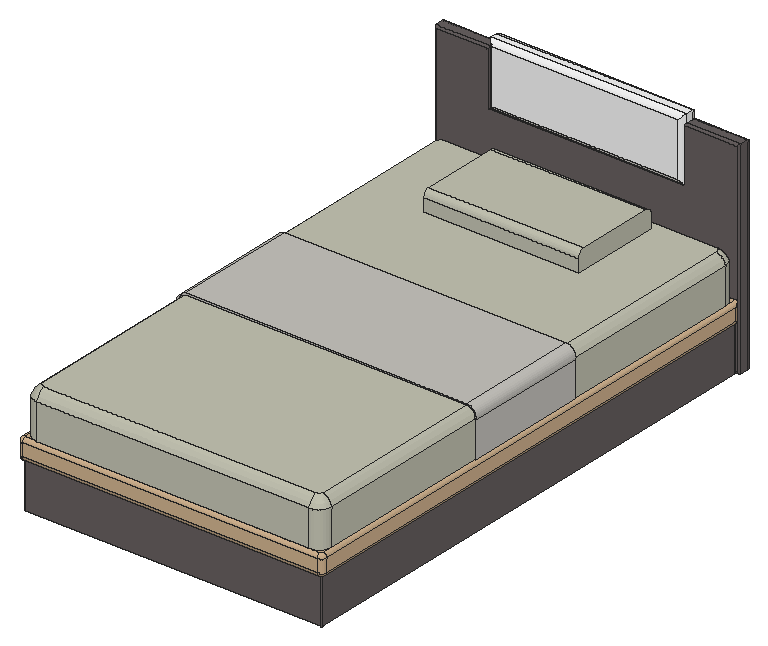
Revit family
Parameters (values of type "KO-BED KS1210 01 W1030*D2100")
  천 = 천
  Manufacturer = "DASOM"
  Width = 1200 mm
  Pillow material = fabric-37
  Mattress material = fabric-37
  Leg material = white shine
  Depth = 2100 mm
  Bed material4 = white shine
  Bed material3 = ebony length
  Bed material2 = maple
  Bed material1 = ebony length
  Assembly Code = ""
Reference planes
  plane 1 "중심(앞/뒤)": y = 41.256
  plane 2: z = 0
  plane 3 "중심(왼쪽/오른쪽)": x = 66.694
  plane 4: y = -1008.744
  plane 5: x = 666.694
  plane 6: x = -533.306
  plane 7: y = 1091.256
Forms (mm)
  Extrusion 1, solid, material "maple" <- "Bed material2"
    sketch origin (0, 0, 0) x (1, 0, 0) y (0, 1, 0)
      loop
        arc (-513.306, 1041.256) -> (-527.449, 1035.398) -> (-533.306, 1021.256) r 20
        line (-533.306, 1021.256) -> (-533.306, -988.744)
        arc (-533.306, -988.744) -> (-527.449, -1002.886) -> (-513.306, -1008.744) r 20
        line (-513.306, -1008.744) -> (646.694, -1008.744)
        arc (646.694, -1008.744) -> (660.836, -1002.886) -> (666.694, -988.744) r 20
        line (666.694, -988.744) -> (666.694, 1021.256)
        arc (666.694, 1021.256) -> (660.836, 1035.398) -> (646.694, 1041.256) r 20
        line (646.694, 1041.256) -> (-513.306, 1041.256)
    from 180 to 260
  Extrusion 2, solid, material "ebony length" <- "Bed material3"
    sketch origin (0, 0, 0) x (1, 0, 0) y (0, 1, 0)
      loop
        arc (-513.306, 1041.256) -> (-516.842, 1039.791) -> (-518.306, 1036.256) r 5
        line (-518.306, 1036.256) -> (-518.306, -988.744)
        arc (-518.306, -988.744) -> (-516.842, -992.28) -> (-513.306, -993.744) r 5
        line (-513.306, -993.744) -> (646.694, -993.744)
        arc (646.694, -993.744) -> (650.229, -992.28) -> (651.694, -988.744) r 5
        line (651.694, -988.744) -> (651.694, 1036.256)
        arc (651.694, 1036.256) -> (650.229, 1039.791) -> (646.694, 1041.256) r 5
        line (646.694, 1041.256) -> (-513.306, 1041.256)
    from 0 to 180
  Extrusion 3, solid, material "fabric-37" <- "Mattress material"
    sketch origin (0, 0, 0) x (1, 0, 0) y (0, 1, 0)
      loop
        arc (-468.306, 1041.256) -> (-503.662, 1026.611) -> (-518.306, 991.256) r 50
        line (-518.306, 991.256) -> (-518.306, -943.744)
        arc (-518.306, -943.744) -> (-503.662, -979.1) -> (-468.306, -993.744) r 50
        line (-468.306, -993.744) -> (601.694, -993.744)
        arc (601.694, -993.744) -> (637.049, -979.1) -> (651.694, -943.744) r 50
        line (651.694, -943.744) -> (651.694, 991.256)
        arc (651.694, 991.256) -> (637.049, 1026.611) -> (601.694, 1041.256) r 50
        line (601.694, 1041.256) -> (-468.306, 1041.256)
    from 260 to 440
  Sweep 4, void
    path origin (0, 0, 0) x (1, 0, 0) y (0, 1, 0)
      loop
        line (666.694, 1091.256) -> (666.694, -988.744)
        arc (666.694, -988.744) -> (660.836, -1002.886) -> (646.694, -1008.744) r 20
        line (646.694, -1008.744) -> (-513.306, -1008.744)
        arc (-513.306, -1008.744) -> (-527.449, -1002.886) -> (-533.306, -988.744) r 20
        line (-533.306, -988.744) -> (-533.306, 1091.256)
    profile origin (0, 51.256, 0) x (-1, 0, 0) y (0, 0, 1)
      loop
        arc (518.306, 260) -> (528.65, 255.343) -> (533.306, 245) r 16
        line (533.306, 245) -> (533.306, 260) -> (518.306, 260)
      loop
        line (518.306, 180) -> (533.306, 180) -> (533.306, 195)
        arc (533.306, 195) -> (528.65, 184.657) -> (518.306, 180) r 16
  Sweep 5, void
    path origin (0, 0, 0) x (1, 0, 0) y (0, 1, 0)
      loop
        arc (-518.306, -943.744) -> (-503.662, -979.1) -> (-468.306, -993.744) r 50
        line (-468.306, -993.744) -> (601.694, -993.744)
        arc (601.694, -993.744) -> (637.049, -979.1) -> (651.694, -943.744) r 50
        line (651.694, -943.744) -> (651.694, 991.256)
        arc (651.694, 991.256) -> (637.049, 1026.611) -> (601.694, 1041.256) r 50
        line (601.694, 1041.256) -> (-468.306, 1041.256)
        arc (-468.306, 1041.256) -> (-503.662, 1026.611) -> (-518.306, 991.256) r 50
        line (-518.306, 991.256) -> (-518.306, -943.744)
    profile origin (0, 23.756, 0) x (-1, 0, 0) y (0, 0, 1)
      loop
        line (518.306, 440) -> (486.154, 440)
        arc (486.154, 440) -> (504.994, 422.222) -> (518.306, 400) r 94.605
        line (518.306, 400) -> (518.306, 440)
  Sweep 6, solid, material "fabric-37" <- "Pillow material"
    path origin (-341.788, 452.663, 33.6) x (1, 0, 0) y (0, 1, 0)
      loop
        line (103.682, 523.407) -> (713.282, 523.407)
    profile origin (66.694, 0, 0) x (0, 1, 0) y (0, 0, 1)
      loop
        line (620.47, 440) -> (976.07, 440) -> (976.07, 490.8)
        arc (976.07, 490.8) -> (968.63, 508.761) -> (950.67, 516.2) r 25.4
        line (950.67, 516.2) -> (645.87, 516.2)
        arc (645.87, 516.2) -> (627.909, 508.761) -> (620.47, 490.8) r 25.4
        line (620.47, 490.8) -> (620.47, 440)
  Extrusion 7, solid, material "ebony length" <- "Bed material1"
    sketch origin (0, 41.256, 0) x (1, 0, 0) y (0, 0, 1)
      loop
        line (-533.306, 0) -> (666.694, 0) -> (666.694, 810) -> (451.694, 810) -> (451.694, 590) -> (-318.306, 590) -> (-318.306, 810) -> (-533.306, 810) -> (-533.306, 0)
    from -1050 to -1000
  Sweep 8, void
    path origin (0, 41.256, 0) x (1, 0, 0) y (0, 0, 1)
      loop
        line (451.654, 810) -> (666.694, 810) -> (666.694, 0) -> (-533.306, 0) -> (-533.306, 810) -> (-318.306, 810)
    profile origin (-425.806, 0, 0) x (0, 0, 1) y (0, -1, 0)
      loop
        line (810, -1041.256) -> (802, -1041.256)
        arc (802, -1041.256) -> (807.107, -1044.148) -> (810, -1049.256) r 11
        line (810, -1049.256) -> (810, -1041.256)
      loop
        line (810, -1091.256) -> (810, -1083.256)
        arc (810, -1083.256) -> (807.107, -1088.363) -> (802, -1091.256) r 11
        line (802, -1091.256) -> (810, -1091.256)
  Extrusion 9, solid, material "white shine" <- "Bed material4"
    sketch origin (0, 41.256, 0) x (1, 0, 0) y (0, 0, 1)
      loop
        line (-318.267, 590.04) -> (451.654, 590.04) -> (451.654, 840.04) -> (-318.267, 840.04) -> (-318.267, 590.04)
    from -1060 to -990
  Sweep 10, void
    path origin (0, 41.256, 0) x (1, 0, 0) y (0, 0, 1)
      loop
        line (-318.267, 840.04) -> (-318.267, 590.04) -> (451.654, 590.04) -> (451.654, 840.04) -> (-318.267, 840.04)
    profile origin (66.694, 0, 0) x (0, 0, 1) y (0, -1, 0)
      loop
        line (840.04, -1031.256) -> (820.081, -1031.256)
        arc (820.081, -1031.256) -> (832.261, -1039.035) -> (840.04, -1051.215) r 33.566
        line (840.04, -1051.215) -> (840.04, -1031.256)
      loop
        line (840.04, -1101.256) -> (840.04, -1081.296)
        arc (840.04, -1081.296) -> (832.261, -1093.476) -> (820.081, -1101.256) r 33.566
        line (820.081, -1101.256) -> (840.04, -1101.256)
  Extrusion 11, solid, material "천" <- "천"
    sketch origin (0, 41.256, 0) x (1, 0, 0) y (0, 0, 1)
      loop
        line (-518.306, 260) -> (-518.306, 400)
        arc (-518.306, 400) -> (-509.272, 425.66) -> (-486.154, 440) r 40.958
        line (-486.154, 440) -> (619.541, 440)
        arc (619.541, 440) -> (645.201, 427.704) -> (651.694, 400) r 32.922
        line (651.694, 400) -> (651.694, 260) -> (656.694, 260) -> (656.694, 399.476)
        arc (656.694, 399.476) -> (648.921, 431.055) -> (619.541, 445) r 37.922
        line (619.541, 445) -> (-486.682, 445)
        arc (-486.682, 445) -> (-512.993, 429.01) -> (-523.306, 400) r 45.958
        line (-523.306, 400) -> (-523.306, 260) -> (-518.306, 260)
    from -204.738 to 281.805
Cuts and joins
  Sweep 4, Sweep 5, Sweep 8, Sweep 10 cuts Extrusion 1
  Sweep 4, Sweep 5, Sweep 8, Sweep 10 cuts Extrusion 2
  Sweep 4, Sweep 5, Sweep 8, Sweep 10 cuts Extrusion 3
  Sweep 8, Sweep 10 cuts Extrusion 7
  Sweep 10 cuts Extrusion 9
Lines and regions (mm)
  symbolic lines
    curve 1: line (0, 1141.256, 0) -> (0, 1441.256, 0)
    curve 2: line (651.694, 636.256, 0) -> (-518.306, 441.875, 0)
    curve 3: line (-518.306, 441.875, 0) -> (-391.521, 169.983, 0)
    curve 4: line (651.694, 636.256, 0) -> (-391.521, 169.983, 0)
  symbolic lines, detail levels coarse+medium
    curve 5: line (-533.306, 1091.256, 0) -> (666.694, 1091.256, 0)
    curve 6: line (-533.306, -1008.744, 0) -> (-533.306, 1091.256, 0)
    curve 7: line (666.694, -1008.744, 0) -> (-533.306, -1008.744, 0)
    curve 8: line (666.694, 1091.256, 0) -> (666.694, -1008.744, 0)
    curve 9: line (-238.106, 976.07, 0) -> (371.494, 976.07, 0)
    curve 10: line (-238.106, 620.47, 0) -> (-238.106, 976.07, 0)
    curve 11: line (371.494, 620.47, 0) -> (-238.106, 620.47, 0)
    curve 12: line (371.494, 976.07, 0) -> (371.494, 620.47, 0)
    curve 51: line (-533.306, 1041.256, 0) -> (666.694, 1041.256, 0)
  symbolic lines, detail levels fine
    curve 13: line (431.694, 1101.256, 0) -> (-298.307, 1101.256, 0)
    curve 14: line (-525.306, 1091.256, 0) -> (658.694, 1091.256, 0)
    curve 15: line (-533.306, 1083.256, 0) -> (666.694, 1083.256, 0)
    curve 16: line (-318.267, 1081.296, 0) -> (451.654, 1081.296, 0)
    curve 17: line (-318.267, 1051.215, 0) -> (451.654, 1051.215, 0)
    curve 18: line (-533.306, 1049.256, 0) -> (666.694, 1049.256, 0)
    curve 19: line (-525.306, 1041.256, 0) -> (658.694, 1041.256, 0)
    curve 20: line (-298.307, 1031.256, 0) -> (431.694, 1031.256, 0)
    curve 21: line (-238.106, 976.07, 0) -> (371.494, 976.07, 0)
    curve 22: line (-238.106, 620.47, 0) -> (-238.106, 976.07, 0)
    curve 23: line (371.494, 620.47, 0) -> (-238.106, 620.47, 0)
    curve 24: line (371.494, 976.07, 0) -> (371.494, 620.47, 0)
    curve 25: line (-468.306, -993.744, 0) -> (601.694, -993.744, 0)
    curve 26: line (-513.306, -1008.744, 0) -> (646.694, -1008.744, 0)
    curve 27: line (666.694, 1083.256, 0) -> (666.694, 1049.256, 0)
    curve 28: line (666.694, 1021.256, 0) -> (666.694, -988.744, 0)
    curve 29: line (651.694, 991.256, 0) -> (651.694, -943.744, 0)
    curve 30: line (451.654, 1081.296, 0) -> (451.654, 1051.215, 0)
    curve 31: line (-318.267, 1081.296, 0) -> (-318.267, 1051.215, 0)
    curve 32: line (-518.306, 991.256, 0) -> (-518.306, -943.744, 0)
    curve 33: line (-533.306, 1083.256, 0) -> (-533.306, 1049.256, 0)
    curve 34: line (-533.306, 1021.256, 0) -> (-533.306, -988.744, 0)
    curve 35: arc (-525.306, 1091.256, 0) -> (-530.414, 1088.363, 0) -> (-533.306, 1083.256, 0) r 11
    curve 36: arc (-533.306, 1049.256, 0) -> (-530.414, 1044.148, 0) -> (-525.306, 1041.256, 0) r 11
    curve 37: arc (-513.306, 1041.256, 0) -> (-527.449, 1035.398, 0) -> (-533.306, 1021.256, 0) r 20
    curve 38: arc (-468.306, 1041.256, 0) -> (-503.662, 1026.611, 0) -> (-518.306, 991.256, 0) r 50
    curve 39: arc (-298.307, 1101.256, 0) -> (-310.487, 1093.476, 0) -> (-318.267, 1081.296, 0) r 33.566
    curve 40: arc (-318.267, 1051.215, 0) -> (-310.487, 1039.035, 0) -> (-298.307, 1031.256, 0) r 33.566
    curve 41: arc (431.694, 1101.256, 0) -> (443.874, 1093.476, 0) -> (451.654, 1081.296, 0) r 33.566
    curve 42: arc (451.654, 1051.215, 0) -> (443.874, 1039.035, 0) -> (431.694, 1031.256, 0) r 33.566
    curve 43: arc (658.694, 1091.256, 0) -> (663.801, 1088.363, 0) -> (666.694, 1083.256, 0) r 11
    curve 44: arc (666.694, 1049.256, 0) -> (663.801, 1044.148, 0) -> (658.694, 1041.256, 0) r 11
    curve 45: arc (666.694, 1021.256, 0) -> (660.836, 1035.398, 0) -> (646.694, 1041.256, 0) r 20
    curve 46: arc (651.694, 991.256, 0) -> (637.049, 1026.611, 0) -> (601.694, 1041.256, 0) r 50
    curve 47: arc (601.694, -993.744, 0) -> (637.049, -979.1, 0) -> (651.694, -943.744, 0) r 50
    curve 48: arc (646.694, -1008.744, 0) -> (660.836, -1002.886, 0) -> (666.694, -988.744, 0) r 20
    curve 49: arc (-518.306, -943.744, 0) -> (-503.662, -979.1, 0) -> (-468.306, -993.744, 0) r 50
    curve 50: arc (-533.306, -988.744, 0) -> (-527.449, -1002.886, 0) -> (-513.306, -1008.744, 0) r 20
Dimensions and locks
  equal spacing: plane 6, plane 3 "중심(왼쪽/오른쪽)", plane 5
  equal spacing: plane 4, plane 1 "중심(앞/뒤)", plane 7
  "Depth": plane 4 to plane 7
  "Width": plane 6 to plane 5
  locked: cut or joined group of Extrusion 9, Sweep 10 to cut or joined group of Extrusion 7, Sweep 8, Sweep 10 at 10  (x2)
  aligned and locked: plane 5 to Extrusion 1 sketch curve
  aligned and locked: plane 5 to Sweep 4 sketch curve
  aligned and locked: Extrusion 7 to plane 7
  aligned and locked: Extrusion 7 to cut or joined group of Extrusion 3, Sweep 4, Sweep 5, Sweep 8, Sweep 10
  aligned and locked: Sweep 8 sketch curve to cut or joined group of Extrusion 7, Sweep 8, Sweep 10  (x4)
  aligned and locked: cut or joined group of Extrusion 7, Sweep 8, Sweep 10 to Sweep 8 sketch curve
  aligned and locked: cut or joined group of Extrusion 1, Sweep 4, Sweep 5, Sweep 8, Sweep 10 to curve 2
  aligned and locked: Extrusion 2 sketch curve to cut or joined group of Extrusion 1, Sweep 4, Sweep 5, Sweep 8, Sweep 10
  aligned and locked: Extrusion 2 sketch curve to cut or joined group of Extrusion 3, Sweep 4, Sweep 5, Sweep 8, Sweep 10
  aligned and locked: Extrusion 9 sketch curve to cut or joined group of Extrusion 7, Sweep 8, Sweep 10
  aligned and locked: Sweep 10 sketch curve to cut or joined group of Extrusion 9, Sweep 10  (x5)
  aligned and locked: cut or joined group of Extrusion 9, Sweep 10 to Sweep 10 sketch curve
  aligned and locked: plane 7 to curve 5
  aligned and locked: plane 5 to curve 8
  aligned and locked: curve 13 to cut or joined group of Extrusion 9, Sweep 10
  aligned and locked: curve 14 to cut or joined group of Extrusion 7, Sweep 8, Sweep 10  (x2)
  aligned and locked: curve 15 to cut or joined group of Extrusion 7, Sweep 8, Sweep 10
  aligned and locked: curve 16 to cut or joined group of Extrusion 9, Sweep 10
  aligned and locked: cut or joined group of Extrusion 9, Sweep 10 to curve 17
  aligned and locked: curve 18 to cut or joined group of Extrusion 7, Sweep 8, Sweep 10
  aligned and locked: curve 20 to cut or joined group of Extrusion 9, Sweep 10
  aligned and locked: Sweep 6 to curve 21
  aligned and locked: curve 21 to Sweep 6
  aligned and locked: Sweep 6 to curve 24
  aligned and locked: curve 24 to Sweep 6
  aligned and locked: cut or joined group of Extrusion 1, Sweep 4, Sweep 5, Sweep 8, Sweep 10 to curve 26
  aligned and locked: curve 26 to cut or joined group of Extrusion 1, Sweep 4, Sweep 5, Sweep 8, Sweep 10
  aligned and locked: curve 28 to cut or joined group of Extrusion 1, Sweep 4, Sweep 5, Sweep 8, Sweep 10  (x2)
  aligned and locked: curve 30 to cut or joined group of Extrusion 9, Sweep 10
  aligned and locked: curve 34 to cut or joined group of Extrusion 1, Sweep 4, Sweep 5, Sweep 8, Sweep 10  (x2)
  aligned and locked: curve 35 to cut or joined group of Extrusion 7, Sweep 8, Sweep 10
  aligned and locked: curve 36 to cut or joined group of Extrusion 7, Sweep 8, Sweep 10
  aligned and locked: curve 37 to cut or joined group of Extrusion 1, Sweep 4, Sweep 5, Sweep 8, Sweep 10
  aligned and locked: curve 38 to cut or joined group of Extrusion 3, Sweep 4, Sweep 5, Sweep 8, Sweep 10
  aligned and locked: curve 39 to cut or joined group of Extrusion 9, Sweep 10
  aligned and locked: curve 40 to cut or joined group of Extrusion 9, Sweep 10
  aligned and locked: curve 41 to cut or joined group of Extrusion 9, Sweep 10
  aligned and locked: curve 42 to cut or joined group of Extrusion 9, Sweep 10
  aligned and locked: curve 43 to cut or joined group of Extrusion 7, Sweep 8, Sweep 10
  aligned and locked: curve 44 to cut or joined group of Extrusion 7, Sweep 8, Sweep 10
  aligned and locked: curve 47 to cut or joined group of Extrusion 3, Sweep 4, Sweep 5, Sweep 8, Sweep 10
  aligned and locked: curve 48 to cut or joined group of Extrusion 1, Sweep 4, Sweep 5, Sweep 8, Sweep 10
  aligned and locked: curve 50 to cut or joined group of Extrusion 1, Sweep 4, Sweep 5, Sweep 8, Sweep 10
Automatic sketch dimensions
  Sweep 4 sketch curve to plane 6 = 0 mm
  Sweep 4 sketch curve to plane 4 = 0 mm
  Sweep 4 sketch curve to plane 7 = 0 mm  (x2)
  Sweep 4 sketch curve to plane 6 = 20 mm
  Sweep 4 sketch curve to plane 4 = 20 mm
  Sweep 4 sketch curve to profile plane = 0 mm  (x2)
  profile plane to Sweep 4 sketch curve = 15 mm  (x2)
  profile plane to Sweep 4 sketch curve = 15.971 mm  (x2)
  Sweep 4 sketch curve to Sweep 4 sketch curve = 0.971 mm
  level to Sweep 4 sketch curve = 180 mm
  Sweep 4 sketch curve to Sweep 4 sketch curve = 15 mm
  Sweep 4 sketch curve to Sweep 4 sketch curve = 48.059 mm
  Sweep 5 sketch curve to profile plane = 0 mm
  profile plane to Sweep 5 sketch curve = 32.153 mm
  profile plane to Sweep 5 sketch curve = 87.048 mm
  level to Sweep 5 sketch curve = 362.952 mm
  Sweep 5 sketch curve to Sweep 5 sketch curve = 37.048 mm
  curve 1 to level = 0 mm
  curve 1 to plane 7 = 50 mm
  curve 1 to curve 1 = 300 mm
  Sweep 6 sketch curve to profile plane = 0 mm
  profile plane to Sweep 6 sketch curve = 25.4 mm
  Sweep 6 sketch curve to Sweep 6 sketch curve = 304.8 mm
  Sweep 6 sketch curve to Sweep 6 sketch curve = 25.4 mm
  Sweep 6 sketch curve to Sweep 6 sketch curve = 50.8 mm
  Sweep 5 sketch curve to plane 6 = 15 mm
  Sweep 5 sketch curve to plane 6 = 65 mm  (x2)
  Sweep 5 sketch curve to plane 4 = 15 mm
  plane 5 to Sweep 5 sketch curve = 65 mm  (x2)
  plane 5 to Sweep 5 sketch curve = 15 mm
  plane 7 to Sweep 5 sketch curve = 100 mm
  Extrusion 3 sketch curve to plane 6 = 15 mm
  Extrusion 3 sketch curve to plane 4 = 15 mm
  Extrusion 3 sketch curve to plane 6 = 65 mm  (x2)
  plane 5 to Extrusion 3 sketch curve = 65 mm  (x2)
  plane 5 to Extrusion 3 sketch curve = 15 mm
  plane 7 to Extrusion 3 sketch curve = 100 mm
  Sweep 8 sketch curve to profile plane = 0 mm  (x2)
  profile plane to Sweep 8 sketch curve = 8 mm
  Sweep 8 sketch curve to Sweep 8 sketch curve = 8 mm  (x2)
  profile plane to Sweep 8 sketch curve = 10.671 mm  (x2)
  Sweep 8 sketch curve to Sweep 8 sketch curve = 2.671 mm
  Extrusion 2 sketch curve to Extrusion 2 sketch curve = 5 mm  (x3)
  Extrusion 2 sketch curve to plane 6 = 20 mm  (x2)
  Extrusion 1 sketch curve to plane 6 = 0 mm
  Extrusion 1 sketch curve to plane 4 = 0 mm
  Extrusion 1 sketch curve to plane 6 = 20 mm  (x2)
  plane 5 to Extrusion 1 sketch curve = 20 mm
  Extrusion 1 sketch curve to Extrusion 1 sketch curve = 20 mm
  plane 7 to Extrusion 1 sketch curve = 70 mm
  plane 5 to Extrusion 2 sketch curve = 20 mm
  Extrusion 7 sketch curve to level = 0 mm
  Extrusion 7 sketch curve to plane 6 = 0 mm
  Extrusion 7 sketch curve to plane 5 = 0 mm
  plane 5 to Extrusion 7 sketch curve = 215 mm
  level to Extrusion 7 sketch curve = 590 mm
  Extrusion 7 sketch curve to Extrusion 7 sketch curve = 220 mm  (x2)
  Extrusion 7 sketch curve to Extrusion 7 sketch curve = 215 mm
  Extrusion 9 sketch curve to plane 6 = 215.04 mm
  Extrusion 9 sketch curve to Extrusion 9 sketch curve = 250 mm
  Sweep 8 sketch curve to plane 6 = 0 mm
  Sweep 8 sketch curve to Sweep 8 sketch curve = 215 mm
  level to Sweep 8 sketch curve = 810 mm
  level to Extrusion 9 sketch curve = 590.04 mm
  plane 5 to Sweep 8 sketch curve = 215.04 mm
  Sweep 10 sketch curve to profile plane = 0 mm  (x2)
  profile plane to Sweep 10 sketch curve = 19.96 mm  (x2)
  Sweep 10 sketch curve to Sweep 10 sketch curve = 0 mm
  Sweep 10 sketch curve to Sweep 10 sketch curve = 19.96 mm
  Sweep 10 sketch curve to Sweep 10 sketch curve = 6.971 mm
  Sweep 10 sketch curve to Sweep 10 sketch curve = 30.081 mm
  curve 33 to plane 6 = 0 mm
  curve 27 to plane 5 = 0 mm
  curve 32 to curve 49 = 50 mm
  curve 3 to plane 6 = 141.785 mm
  curve 46 to curve 29 = 50 mm
  curve 26 to curve 48 = 0 mm
  curve 45 to curve 44 = 12 mm
  curve 28 to curve 48 = 0 mm
  curve 34 to curve 50 = 0 mm
  curve 4 to plane 1 "중심(앞/뒤)" = 128.727 mm
  curve 3 to curve 10 = 178.594 mm
  curve 11 to curve 4 = 15.786 mm
  curve 51 to curve 19 = 0 mm
  Extrusion 11 sketch curve to Extrusion 11 sketch curve = 0 mm  (x4)
  Extrusion 11 sketch curve to plane 6 = 10 mm
  Extrusion 11 sketch curve to Extrusion 11 sketch curve = 5 mm  (x2)
  Extrusion 11 sketch curve to plane 6 = 46.625 mm
  Extrusion 11 sketch curve to Extrusion 11 sketch curve = 0.528 mm
  Extrusion 11 sketch curve to Extrusion 11 sketch curve = 8.805 mm
  plane 5 to Extrusion 11 sketch curve = 47.153 mm
  plane 5 to Extrusion 11 sketch curve = 15 mm
  level to Extrusion 11 sketch curve = 260 mm  (x2)
  Extrusion 11 sketch curve to Extrusion 11 sketch curve = 139.476 mm
  Extrusion 11 sketch curve to Extrusion 11 sketch curve = 0.524 mm
